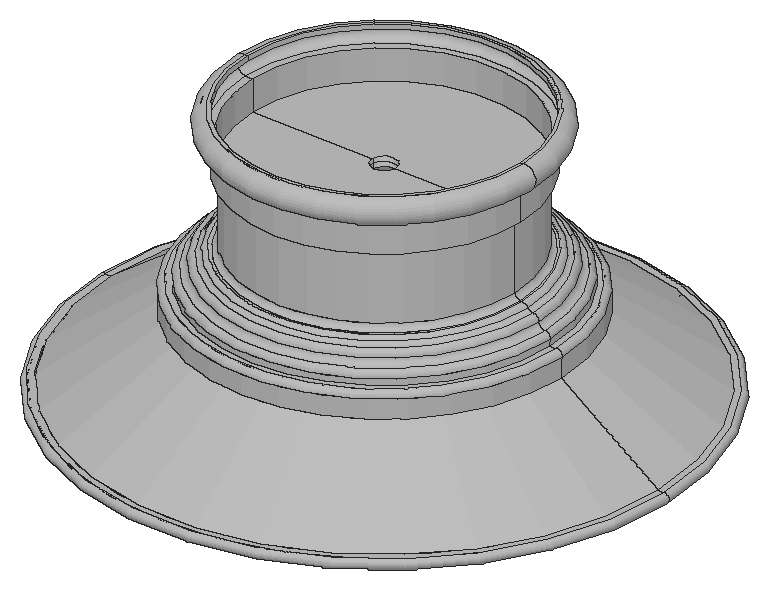
Revit family "BF12 SHADE", category Lighting Fixtures, Revit 2024
Family settings
  Round Connector Dimension = Use Diameter
  Part Type = Normal
  OmniClass Number = 23.80.70.00
  OmniClass Title = Lighting
  Work Plane-Based = No
  Always vertical = Yes
  Cut with Voids When Loaded = No
  Light Source = Yes
  Maintain Annotation Orientation = No
  Shared = No
  Room Calculation Point = No
Parameters
  Wattage = 12.1178 W
  built-in parameter 1150110 = 1 (stored number, unit not read)
  built-in parameter 1114217 = 1 (stored number, unit not read)
  built-in parameter 1150109 = 1 (stored number, unit not read)
  built-in parameter 1150134 = (empty or 0)
  built-in parameter 1150113 = 1 (stored number, unit not read)
  Lumens = 1800 lm
  built-in parameter 1150115 = 1 (stored number, unit not read)
  built-in parameter 1150105 = 572.96 (stored number, unit not read)
  Light Source Symbol Size = 2' - 0"
  built-in parameter 1150137 = (empty or 0)
  built-in parameter 1150139 = (empty or 0)
  built-in parameter 1150112 = 1 (stored number, unit not read)
  built-in parameter 1150114 = 1 (stored number, unit not read)
  built-in parameter 1150132 = 2
  built-in parameter 1150102 = (empty or 0)
  built-in parameter 1150138 = (empty or 0)
  built-in parameter 1150107 = 3000 (stored number, unit not read)
  built-in parameter 1150106 = 5.7296 (stored number, unit not read)
  built-in parameter 1150104 = 13.8 (stored number, unit not read)
  Dimming Lamp Color Temperature Shift = (empty or 0)
  Default Elevation = 0' - 0"
  Color Filter = 16777215
  built-in parameter 1114218 = 1 (stored number, unit not read)
  built-in parameter 1150133 = 10 (stored number, unit not read)
Reference planes (in)
  plane 1 "Light Source Axis (F/B)": y = 0
  plane 2: z = 0
  plane 3 "Light Source Axis (L/R)": x = 0
  plane 4 "Light Source Elevation": z = 54
Forms (in)
  Revolve 1, solid
    sketch origin (0, 0, 0) x (1, 0, 0) y (0, 0, 1)
      loop
        line (-5.8002, 54.10625) -> (-5.72914, 54.10625) -> (-3.65625, 55.57656) -> (-3.65625, 56)
        arc (-3.65625, 56) -> (-3.6471, 56.0221) -> (-3.625, 56.03125) r 0.03125
        line (-3.625, 56.03125) -> (-3.40625, 56.03125) -> (-3.40625, 56.25)
        arc (-3.40625, 56.25) -> (-3.3971, 56.2721) -> (-3.375, 56.28125) r 0.03125
        arc (-3.375, 56.28125) -> (-3.22032, 56.34532) -> (-3.15625, 56.5) r 0.21875
        arc (-3.15625, 56.5) -> (-3.1471, 56.5221) -> (-3.125, 56.53125) r 0.03125
        arc (-3.125, 56.53125) -> (-3.01562, 56.56056) -> (-2.93556, 56.64062) r 0.21875
        arc (-2.93556, 56.64062) -> (-2.92412, 56.65206) -> (-2.90849, 56.65625) r 0.03125
        line (-2.90849, 56.65625) -> (-2.84368, 56.65625)
        arc (-2.84368, 56.65625) -> (-2.70962, 56.72957) -> (-2.65625, 56.87275) r 0.21875
        line (-2.65625, 56.87275) -> (-2.65625, 58.15625) -> (-0.25, 58.15625) -> (-0.25, 58.25) -> (-2.75, 58.25) -> (-2.75, 56.87275)
        arc (-2.75, 56.87275) -> (-2.77862, 56.79315) -> (-2.85137, 56.75) r 0.125
        line (-2.85137, 56.75) -> (-2.90849, 56.75)
        arc (-2.90849, 56.75) -> (-2.97099, 56.73325) -> (-3.01675, 56.6875) r 0.125
        arc (-3.01675, 56.6875) -> (-3.0625, 56.64175) -> (-3.125, 56.625) r 0.125
        arc (-3.125, 56.625) -> (-3.21339, 56.58839) -> (-3.25, 56.5) r 0.125
        arc (-3.25, 56.5) -> (-3.28661, 56.41161) -> (-3.375, 56.375) r 0.125
        arc (-3.375, 56.375) -> (-3.46339, 56.33839) -> (-3.5, 56.25) r 0.125
        line (-3.5, 56.25) -> (-3.5, 56.125) -> (-3.625, 56.125)
        arc (-3.625, 56.125) -> (-3.71339, 56.08839) -> (-3.75, 56) r 0.125
        line (-3.75, 56) -> (-3.75, 55.625) -> (-5.75902, 54.2) -> (-5.9, 54.2)
        arc (-5.9, 54.2) -> (-5.96847, 54.02711) -> (-5.8002, 54.10625) r 0.1
      axis (0, 58.25) -> (0, 54.10625)
    angle from 0 to 360
  Revolve 2, solid
    sketch origin (0, 0, 0) x (1, 0, 0) y (0, 0, 1)
      loop
        line (-0.25, 58.25) -> (-0.25, 58.34375) -> (-2.78125, 58.34375) -> (-2.78125, 58.96875) -> (-2.9375, 58.96875)
        arc (-2.9375, 58.96875) -> (-3.09375, 59.125) -> (-2.9375, 59.28125) r 0.15625
        line (-2.9375, 59.28125) -> (-2.875, 59.28125) -> (-2.875, 59.375) -> (-2.9375, 59.375)
        arc (-2.9375, 59.375) -> (-3.1875, 59.125) -> (-2.9375, 58.875) r 0.25
        line (-2.9375, 58.875) -> (-2.875, 58.875) -> (-2.875, 58.25) -> (-0.25, 58.25)
      axis (0, 59.375) -> (0, 58.25)
    angle from 0 to 360
Dimensions and locks (in)
  aligned and locked: plane 3 "Light Source Axis (L/R)" to imposter light
  aligned and locked: plane 1 "Light Source Axis (F/B)" to imposter light
  aligned and locked: plane 4 "Light Source Elevation" to imposter light
  aligned and locked: level to plane 2
